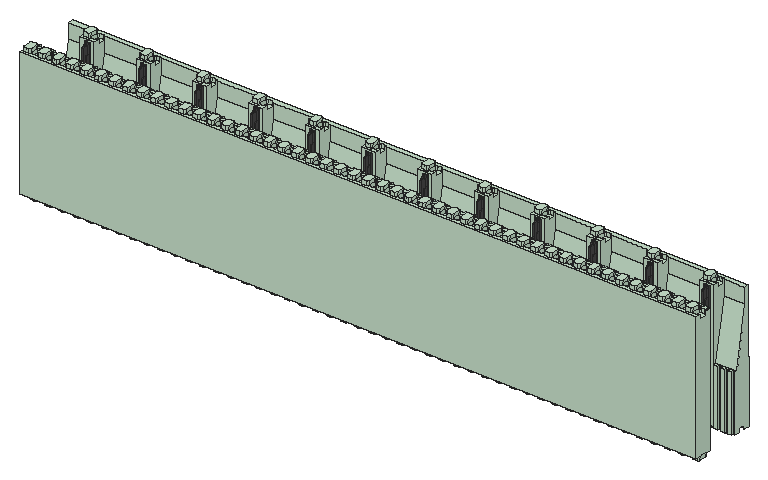
Revit family (continued)
Forms (in)
  Extrusion 106, void
    sketch origin (90, 2, 0) x (-1, 0, 0) y (0, -1, 0)
      loop
        arc (2, 4.89808) -> (1.95215, 5.04517) -> (1.82692, 5.13595) r 0.25
        arc (1.82692, 5.13595) -> (1.5, 5.1875) -> (1.17308, 5.13595) r 1.0625
        arc (1.17308, 5.13595) -> (1.04785, 5.04517) -> (1, 4.89808) r 0.25
    from 0 to 0.5
  Extrusion 107, void
    sketch origin (92, 2, 0) x (-1, 0, 0) y (0, -1, 0)
      loop
        line (1, 4.89808) -> (1, 3.97692)
        arc (1, 3.97692) -> (1.04785, 3.82983) -> (1.17308, 3.73905) r 0.25
        arc (1.17308, 3.73905) -> (1.42092, 3.69045) -> (1.67323, 3.70172) r 1.0625
        arc (1.67323, 3.70172) -> (1.72385, 3.68771) -> (1.74592, 3.64005) r 0.0625
        line (1.74592, 3.64005) -> (1.74592, 3.41845) -> (1.91675, 3.41845) -> (1.91675, 3.76455)
        arc (1.91675, 3.76455) -> (1.92106, 3.78736) -> (1.9334, 3.80702) r 0.0625
        arc (1.9334, 3.80702) -> (1.98276, 3.88568) -> (2, 3.97692) r 0.25
        line (2, 3.97692) -> (2, 4.89808)
        arc (2, 4.89808) -> (1.95215, 5.04517) -> (1.82692, 5.13595) r 0.25
        arc (1.82692, 5.13595) -> (1.5, 5.1875) -> (1.17308, 5.13595) r 1.0625
        arc (1.17308, 5.13595) -> (1.04785, 5.04517) -> (1, 4.89808) r 0.25
    from 0 to 0.5
  Extrusion 108, void
    sketch origin (94, 2, 0) x (-1, 0, 0) y (0, -1, 0)
      loop
        line (1, 4.89808) -> (1, 3.97692)
        arc (1, 3.97692) -> (1.04785, 3.82983) -> (1.17308, 3.73905) r 0.25
        arc (1.17308, 3.73905) -> (1.42092, 3.69045) -> (1.67323, 3.70172) r 1.0625
        arc (1.67323, 3.70172) -> (1.72385, 3.68771) -> (1.74592, 3.64005) r 0.0625
        line (1.74592, 3.64005) -> (1.74592, 3.41845) -> (1.91675, 3.41845) -> (1.91675, 3.76455)
        arc (1.91675, 3.76455) -> (1.92106, 3.78736) -> (1.9334, 3.80702) r 0.0625
        arc (1.9334, 3.80702) -> (1.98276, 3.88568) -> (2, 3.97692) r 0.25
        line (2, 3.97692) -> (2, 4.89808)
        arc (2, 4.89808) -> (1.95215, 5.04517) -> (1.82692, 5.13595) r 0.25
        arc (1.82692, 5.13595) -> (1.5, 5.1875) -> (1.17308, 5.13595) r 1.0625
        arc (1.17308, 5.13595) -> (1.04785, 5.04517) -> (1, 4.89808) r 0.25
    from 0 to 0.5
  Extrusion 109, void
    sketch origin (96, 2, 0) x (-1, 0, 0) y (0, -1, 0)
      loop
        line (1, 4.89808) -> (1, 3.97692)
        arc (1, 3.97692) -> (1.04785, 3.82983) -> (1.17308, 3.73905) r 0.25
        arc (1.17308, 3.73905) -> (1.42092, 3.69045) -> (1.67323, 3.70172) r 1.0625
        arc (1.67323, 3.70172) -> (1.72385, 3.68771) -> (1.74592, 3.64005) r 0.0625
        line (1.74592, 3.64005) -> (1.74592, 3.41845) -> (1.91675, 3.41845) -> (1.91675, 3.76455)
        arc (1.91675, 3.76455) -> (1.92106, 3.78736) -> (1.9334, 3.80702) r 0.0625
        arc (1.9334, 3.80702) -> (1.98276, 3.88568) -> (2, 3.97692) r 0.25
        line (2, 3.97692) -> (2, 4.89808)
        arc (2, 4.89808) -> (1.95215, 5.04517) -> (1.82692, 5.13595) r 0.25
        arc (1.82692, 5.13595) -> (1.5, 5.1875) -> (1.17308, 5.13595) r 1.0625
        arc (1.17308, 5.13595) -> (1.04785, 5.04517) -> (1, 4.89808) r 0.25
    from 0 to 0.5
  Extrusion 110, void
    sketch origin (94, 0, 0) x (1, 0, 0) y (0, 1, 0)
      loop
        line (1, 4.89808) -> (1, 3.97692)
        arc (1, 3.97692) -> (1.04785, 3.82983) -> (1.17308, 3.73905) r 0.25
        arc (1.17308, 3.73905) -> (1.42092, 3.69045) -> (1.67323, 3.70172) r 1.0625
        arc (1.67323, 3.70172) -> (1.72385, 3.68771) -> (1.74592, 3.64005) r 0.0625
        line (1.74592, 3.64005) -> (1.74592, 3.41845) -> (1.91675, 3.41845) -> (1.91675, 3.76455)
        arc (1.91675, 3.76455) -> (1.92106, 3.78736) -> (1.9334, 3.80702) r 0.0625
        arc (1.9334, 3.80702) -> (1.98276, 3.88568) -> (2, 3.97692) r 0.25
        line (2, 3.97692) -> (2, 4.89808)
        arc (2, 4.89808) -> (1.95215, 5.04517) -> (1.82692, 5.13595) r 0.25
        arc (1.82692, 5.13595) -> (1.5, 5.1875) -> (1.17308, 5.13595) r 1.0625
        arc (1.17308, 5.13595) -> (1.04785, 5.04517) -> (1, 4.89808) r 0.25
    from 0 to 0.5
  Extrusion 111, void
    sketch origin (92, 0, 0) x (1, 0, 0) y (0, 1, 0)
      loop
        line (1, 4.89808) -> (1, 3.97692)
        arc (1, 3.97692) -> (1.04785, 3.82983) -> (1.17308, 3.73905) r 0.25
        arc (1.17308, 3.73905) -> (1.42092, 3.69045) -> (1.67323, 3.70172) r 1.0625
        arc (1.67323, 3.70172) -> (1.72385, 3.68771) -> (1.74592, 3.64005) r 0.0625
        line (1.74592, 3.64005) -> (1.74592, 3.41845) -> (1.91675, 3.41845) -> (1.91675, 3.76455)
        arc (1.91675, 3.76455) -> (1.92106, 3.78736) -> (1.9334, 3.80702) r 0.0625
        arc (1.9334, 3.80702) -> (1.98276, 3.88568) -> (2, 3.97692) r 0.25
        line (2, 3.97692) -> (2, 4.89808)
        arc (2, 4.89808) -> (1.95215, 5.04517) -> (1.82692, 5.13595) r 0.25
        arc (1.82692, 5.13595) -> (1.5, 5.1875) -> (1.17308, 5.13595) r 1.0625
        arc (1.17308, 5.13595) -> (1.04785, 5.04517) -> (1, 4.89808) r 0.25
    from 0 to 0.5
  Extrusion 112, void
    sketch origin (90, 0, 0) x (1, 0, 0) y (0, 1, 0)
      loop
        line (1, 4.89808) -> (1, 3.97692)
        arc (1, 3.97692) -> (1.04785, 3.82983) -> (1.17308, 3.73905) r 0.25
        arc (1.17308, 3.73905) -> (1.42092, 3.69045) -> (1.67323, 3.70172) r 1.0625
        arc (1.67323, 3.70172) -> (1.72385, 3.68771) -> (1.74592, 3.64005) r 0.0625
        line (1.74592, 3.64005) -> (1.74592, 3.41845) -> (1.91675, 3.41845) -> (1.91675, 3.76455)
        arc (1.91675, 3.76455) -> (1.92106, 3.78736) -> (1.9334, 3.80702) r 0.0625
        arc (1.9334, 3.80702) -> (1.98276, 3.88568) -> (2, 3.97692) r 0.25
        line (2, 3.97692) -> (2, 4.89808)
        arc (2, 4.89808) -> (1.95215, 5.04517) -> (1.82692, 5.13595) r 0.25
        arc (1.82692, 5.13595) -> (1.5, 5.1875) -> (1.17308, 5.13595) r 1.0625
        arc (1.17308, 5.13595) -> (1.04785, 5.04517) -> (1, 4.89808) r 0.25
    from 0 to 0.5
  Extrusion 113, void
    sketch origin (88, 0, 0) x (1, 0, 0) y (0, 1, 0)
      loop
        line (1, 4.89808) -> (1, 3.97692)
        arc (1, 3.97692) -> (1.04785, 3.82983) -> (1.17308, 3.73905) r 0.25
        arc (1.17308, 3.73905) -> (1.42092, 3.69045) -> (1.67323, 3.70172) r 1.0625
        arc (1.67323, 3.70172) -> (1.72385, 3.68771) -> (1.74592, 3.64005) r 0.0625
        line (1.74592, 3.64005) -> (1.74592, 3.41845) -> (1.91675, 3.41845) -> (1.91675, 3.76455)
        arc (1.91675, 3.76455) -> (1.92106, 3.78736) -> (1.9334, 3.80702) r 0.0625
        arc (1.9334, 3.80702) -> (1.98276, 3.88568) -> (2, 3.97692) r 0.25
        line (2, 3.97692) -> (2, 4.89808)
        arc (2, 4.89808) -> (1.95215, 5.04517) -> (1.82692, 5.13595) r 0.25
        arc (1.82692, 5.13595) -> (1.5, 5.1875) -> (1.17308, 5.13595) r 1.0625
        arc (1.17308, 5.13595) -> (1.04785, 5.04517) -> (1, 4.89808) r 0.25
    from 0 to 0.5
  Extrusion 114, void
    sketch origin (86, 0, 0) x (1, 0, 0) y (0, 1, 0)
      loop
        line (1, 4.89808) -> (1, 3.97692)
        arc (1, 3.97692) -> (1.04785, 3.82983) -> (1.17308, 3.73905) r 0.25
        arc (1.17308, 3.73905) -> (1.42092, 3.69045) -> (1.67323, 3.70172) r 1.0625
        arc (1.67323, 3.70172) -> (1.72385, 3.68771) -> (1.74592, 3.64005) r 0.0625
        line (1.74592, 3.64005) -> (1.74592, 3.41845) -> (1.91675, 3.41845) -> (1.91675, 3.76455)
        arc (1.91675, 3.76455) -> (1.92106, 3.78736) -> (1.9334, 3.80702) r 0.0625
        arc (1.9334, 3.80702) -> (1.98276, 3.88568) -> (2, 3.97692) r 0.25
        line (2, 3.97692) -> (2, 4.89808)
        arc (2, 4.89808) -> (1.95215, 5.04517) -> (1.82692, 5.13595) r 0.25
        arc (1.82692, 5.13595) -> (1.5, 5.1875) -> (1.17308, 5.13595) r 1.0625
        arc (1.17308, 5.13595) -> (1.04785, 5.04517) -> (1, 4.89808) r 0.25
    from 0 to 0.5
  Extrusion 115, void
    sketch origin (84, 0, 0) x (1, 0, 0) y (0, 1, 0)
      loop
        line (1, 4.89808) -> (1, 3.97692)
        arc (1, 3.97692) -> (1.04785, 3.82983) -> (1.17308, 3.73905) r 0.25
        arc (1.17308, 3.73905) -> (1.42092, 3.69045) -> (1.67323, 3.70172) r 1.0625
        arc (1.67323, 3.70172) -> (1.72385, 3.68771) -> (1.74592, 3.64005) r 0.0625
        line (1.74592, 3.64005) -> (1.74592, 3.41845) -> (1.91675, 3.41845) -> (1.91675, 3.76455)
        arc (1.91675, 3.76455) -> (1.92106, 3.78736) -> (1.9334, 3.80702) r 0.0625
        arc (1.9334, 3.80702) -> (1.98276, 3.88568) -> (2, 3.97692) r 0.25
        line (2, 3.97692) -> (2, 4.89808)
        arc (2, 4.89808) -> (1.95215, 5.04517) -> (1.82692, 5.13595) r 0.25
        arc (1.82692, 5.13595) -> (1.5, 5.1875) -> (1.17308, 5.13595) r 1.0625
        arc (1.17308, 5.13595) -> (1.04785, 5.04517) -> (1, 4.89808) r 0.25
    from 0 to 0.5
  Extrusion 116, void
    sketch origin (82, 0, 0) x (1, 0, 0) y (0, 1, 0)
      loop
        line (1, 4.89808) -> (1, 3.97692)
        arc (1, 3.97692) -> (1.04785, 3.82983) -> (1.17308, 3.73905) r 0.25
        arc (1.17308, 3.73905) -> (1.42092, 3.69045) -> (1.67323, 3.70172) r 1.0625
        arc (1.67323, 3.70172) -> (1.72385, 3.68771) -> (1.74592, 3.64005) r 0.0625
        line (1.74592, 3.64005) -> (1.74592, 3.41845) -> (1.91675, 3.41845) -> (1.91675, 3.76455)
        arc (1.91675, 3.76455) -> (1.92106, 3.78736) -> (1.9334, 3.80702) r 0.0625
        arc (1.9334, 3.80702) -> (1.98276, 3.88568) -> (2, 3.97692) r 0.25
        line (2, 3.97692) -> (2, 4.89808)
        arc (2, 4.89808) -> (1.95215, 5.04517) -> (1.82692, 5.13595) r 0.25
        arc (1.82692, 5.13595) -> (1.5, 5.1875) -> (1.17308, 5.13595) r 1.0625
        arc (1.17308, 5.13595) -> (1.04785, 5.04517) -> (1, 4.89808) r 0.25
    from 0 to 0.5
  Extrusion 117, void
    sketch origin (80, 0, 0) x (1, 0, 0) y (0, 1, 0)
      loop
        line (1, 4.89808) -> (1, 3.97692)
        arc (1, 3.97692) -> (1.04785, 3.82983) -> (1.17308, 3.73905) r 0.25
        arc (1.17308, 3.73905) -> (1.42092, 3.69045) -> (1.67323, 3.70172) r 1.0625
        arc (1.67323, 3.70172) -> (1.72385, 3.68771) -> (1.74592, 3.64005) r 0.0625
        line (1.74592, 3.64005) -> (1.74592, 3.41845) -> (1.91675, 3.41845) -> (1.91675, 3.76455)
        arc (1.91675, 3.76455) -> (1.92106, 3.78736) -> (1.9334, 3.80702) r 0.0625
        arc (1.9334, 3.80702) -> (1.98276, 3.88568) -> (2, 3.97692) r 0.25
        line (2, 3.97692) -> (2, 4.89808)
        arc (2, 4.89808) -> (1.95215, 5.04517) -> (1.82692, 5.13595) r 0.25
        arc (1.82692, 5.13595) -> (1.5, 5.1875) -> (1.17308, 5.13595) r 1.0625
        arc (1.17308, 5.13595) -> (1.04785, 5.04517) -> (1, 4.89808) r 0.25
    from 0 to 0.5
  Extrusion 118, void
    sketch origin (78, 0, 0) x (1, 0, 0) y (0, 1, 0)
      loop
        line (1, 4.89808) -> (1, 3.97692)
        arc (1, 3.97692) -> (1.04785, 3.82983) -> (1.17308, 3.73905) r 0.25
        arc (1.17308, 3.73905) -> (1.42092, 3.69045) -> (1.67323, 3.70172) r 1.0625
        arc (1.67323, 3.70172) -> (1.72385, 3.68771) -> (1.74592, 3.64005) r 0.0625
        line (1.74592, 3.64005) -> (1.74592, 3.41845) -> (1.91675, 3.41845) -> (1.91675, 3.76455)
        arc (1.91675, 3.76455) -> (1.92106, 3.78736) -> (1.9334, 3.80702) r 0.0625
        arc (1.9334, 3.80702) -> (1.98276, 3.88568) -> (2, 3.97692) r 0.25
        line (2, 3.97692) -> (2, 4.89808)
        arc (2, 4.89808) -> (1.95215, 5.04517) -> (1.82692, 5.13595) r 0.25
        arc (1.82692, 5.13595) -> (1.5, 5.1875) -> (1.17308, 5.13595) r 1.0625
        arc (1.17308, 5.13595) -> (1.04785, 5.04517) -> (1, 4.89808) r 0.25
    from 0 to 0.5
  Extrusion 119, void
    sketch origin (76, 0, 0) x (1, 0, 0) y (0, 1, 0)
      loop
        line (1, 4.89808) -> (1, 3.97692)
        arc (1, 3.97692) -> (1.04785, 3.82983) -> (1.17308, 3.73905) r 0.25
        arc (1.17308, 3.73905) -> (1.42092, 3.69045) -> (1.67323, 3.70172) r 1.0625
        arc (1.67323, 3.70172) -> (1.72385, 3.68771) -> (1.74592, 3.64005) r 0.0625
        line (1.74592, 3.64005) -> (1.74592, 3.41845) -> (1.91675, 3.41845) -> (1.91675, 3.76455)
        arc (1.91675, 3.76455) -> (1.92106, 3.78736) -> (1.9334, 3.80702) r 0.0625
        arc (1.9334, 3.80702) -> (1.98276, 3.88568) -> (2, 3.97692) r 0.25
        line (2, 3.97692) -> (2, 4.89808)
        arc (2, 4.89808) -> (1.95215, 5.04517) -> (1.82692, 5.13595) r 0.25
        arc (1.82692, 5.13595) -> (1.5, 5.1875) -> (1.17308, 5.13595) r 1.0625
        arc (1.17308, 5.13595) -> (1.04785, 5.04517) -> (1, 4.89808) r 0.25
    from 0 to 0.5
  Extrusion 120, void
    sketch origin (74, 0, 0) x (1, 0, 0) y (0, 1, 0)
      loop
        line (1, 4.89808) -> (1, 3.97692)
        arc (1, 3.97692) -> (1.04785, 3.82983) -> (1.17308, 3.73905) r 0.25
        arc (1.17308, 3.73905) -> (1.42092, 3.69045) -> (1.67323, 3.70172) r 1.0625
        arc (1.67323, 3.70172) -> (1.72385, 3.68771) -> (1.74592, 3.64005) r 0.0625
        line (1.74592, 3.64005) -> (1.74592, 3.41845) -> (1.91675, 3.41845) -> (1.91675, 3.76455)
        arc (1.91675, 3.76455) -> (1.92106, 3.78736) -> (1.9334, 3.80702) r 0.0625
        arc (1.9334, 3.80702) -> (1.98276, 3.88568) -> (2, 3.97692) r 0.25
        line (2, 3.97692) -> (2, 4.89808)
        arc (2, 4.89808) -> (1.95215, 5.04517) -> (1.82692, 5.13595) r 0.25
        arc (1.82692, 5.13595) -> (1.5, 5.1875) -> (1.17308, 5.13595) r 1.0625
        arc (1.17308, 5.13595) -> (1.04785, 5.04517) -> (1, 4.89808) r 0.25
    from 0 to 0.5
  Extrusion 121, void
    sketch origin (72, 0, 0) x (1, 0, 0) y (0, 1, 0)
      loop
        line (1, 4.89808) -> (1, 3.97692)
        arc (1, 3.97692) -> (1.04785, 3.82983) -> (1.17308, 3.73905) r 0.25
        arc (1.17308, 3.73905) -> (1.42092, 3.69045) -> (1.67323, 3.70172) r 1.0625
        arc (1.67323, 3.70172) -> (1.72385, 3.68771) -> (1.74592, 3.64005) r 0.0625
        line (1.74592, 3.64005) -> (1.74592, 3.41845) -> (1.91675, 3.41845) -> (1.91675, 3.76455)
        arc (1.91675, 3.76455) -> (1.92106, 3.78736) -> (1.9334, 3.80702) r 0.0625
        arc (1.9334, 3.80702) -> (1.98276, 3.88568) -> (2, 3.97692) r 0.25
        line (2, 3.97692) -> (2, 4.89808)
        arc (2, 4.89808) -> (1.95215, 5.04517) -> (1.82692, 5.13595) r 0.25
        arc (1.82692, 5.13595) -> (1.5, 5.1875) -> (1.17308, 5.13595) r 1.0625
        arc (1.17308, 5.13595) -> (1.04785, 5.04517) -> (1, 4.89808) r 0.25
    from 0 to 0.5
  Extrusion 122, void
    sketch origin (70, 0, 0) x (1, 0, 0) y (0, 1, 0)
      loop
        line (1, 4.89808) -> (1, 3.97692)
        arc (1, 3.97692) -> (1.04785, 3.82983) -> (1.17308, 3.73905) r 0.25
        arc (1.17308, 3.73905) -> (1.42092, 3.69045) -> (1.67323, 3.70172) r 1.0625
        arc (1.67323, 3.70172) -> (1.72385, 3.68771) -> (1.74592, 3.64005) r 0.0625
        line (1.74592, 3.64005) -> (1.74592, 3.41845) -> (1.91675, 3.41845) -> (1.91675, 3.76455)
        arc (1.91675, 3.76455) -> (1.92106, 3.78736) -> (1.9334, 3.80702) r 0.0625
        arc (1.9334, 3.80702) -> (1.98276, 3.88568) -> (2, 3.97692) r 0.25
        line (2, 3.97692) -> (2, 4.89808)
        arc (2, 4.89808) -> (1.95215, 5.04517) -> (1.82692, 5.13595) r 0.25
        arc (1.82692, 5.13595) -> (1.5, 5.1875) -> (1.17308, 5.13595) r 1.0625
        arc (1.17308, 5.13595) -> (1.04785, 5.04517) -> (1, 4.89808) r 0.25
    from 0 to 0.5
  Extrusion 123, void
    sketch origin (68, 0, 0) x (1, 0, 0) y (0, 1, 0)
      loop
        line (1, 4.89808) -> (1, 3.97692)
        arc (1, 3.97692) -> (1.04785, 3.82983) -> (1.17308, 3.73905) r 0.25
        arc (1.17308, 3.73905) -> (1.42092, 3.69045) -> (1.67323, 3.70172) r 1.0625
        arc (1.67323, 3.70172) -> (1.72385, 3.68771) -> (1.74592, 3.64005) r 0.0625
        line (1.74592, 3.64005) -> (1.74592, 3.41845) -> (1.91675, 3.41845) -> (1.91675, 3.76455)
        arc (1.91675, 3.76455) -> (1.92106, 3.78736) -> (1.9334, 3.80702) r 0.0625
        arc (1.9334, 3.80702) -> (1.98276, 3.88568) -> (2, 3.97692) r 0.25
        line (2, 3.97692) -> (2, 4.89808)
        arc (2, 4.89808) -> (1.95215, 5.04517) -> (1.82692, 5.13595) r 0.25
        arc (1.82692, 5.13595) -> (1.5, 5.1875) -> (1.17308, 5.13595) r 1.0625
        arc (1.17308, 5.13595) -> (1.04785, 5.04517) -> (1, 4.89808) r 0.25
    from 0 to 0.5
  Extrusion 124, void
    sketch origin (66, 0, 0) x (1, 0, 0) y (0, 1, 0)
      loop
        line (1, 4.89808) -> (1, 3.97692)
        arc (1, 3.97692) -> (1.04785, 3.82983) -> (1.17308, 3.73905) r 0.25
        arc (1.17308, 3.73905) -> (1.42092, 3.69045) -> (1.67323, 3.70172) r 1.0625
        arc (1.67323, 3.70172) -> (1.72385, 3.68771) -> (1.74592, 3.64005) r 0.0625
        line (1.74592, 3.64005) -> (1.74592, 3.41845) -> (1.91675, 3.41845) -> (1.91675, 3.76455)
        arc (1.91675, 3.76455) -> (1.92106, 3.78736) -> (1.9334, 3.80702) r 0.0625
        arc (1.9334, 3.80702) -> (1.98276, 3.88568) -> (2, 3.97692) r 0.25
        line (2, 3.97692) -> (2, 4.89808)
        arc (2, 4.89808) -> (1.95215, 5.04517) -> (1.82692, 5.13595) r 0.25
        arc (1.82692, 5.13595) -> (1.5, 5.1875) -> (1.17308, 5.13595) r 1.0625
        arc (1.17308, 5.13595) -> (1.04785, 5.04517) -> (1, 4.89808) r 0.25
    from 0 to 0.5
  Extrusion 125, void
    sketch origin (64, 0, 0) x (1, 0, 0) y (0, 1, 0)
      loop
        line (1, 4.89808) -> (1, 3.97692)
        arc (1, 3.97692) -> (1.04785, 3.82983) -> (1.17308, 3.73905) r 0.25
        arc (1.17308, 3.73905) -> (1.42092, 3.69045) -> (1.67323, 3.70172) r 1.0625
        arc (1.67323, 3.70172) -> (1.72385, 3.68771) -> (1.74592, 3.64005) r 0.0625
        line (1.74592, 3.64005) -> (1.74592, 3.41845) -> (1.91675, 3.41845) -> (1.91675, 3.76455)
        arc (1.91675, 3.76455) -> (1.92106, 3.78736) -> (1.9334, 3.80702) r 0.0625
        arc (1.9334, 3.80702) -> (1.98276, 3.88568) -> (2, 3.97692) r 0.25
        line (2, 3.97692) -> (2, 4.89808)
        arc (2, 4.89808) -> (1.95215, 5.04517) -> (1.82692, 5.13595) r 0.25
        arc (1.82692, 5.13595) -> (1.5, 5.1875) -> (1.17308, 5.13595) r 1.0625
        arc (1.17308, 5.13595) -> (1.04785, 5.04517) -> (1, 4.89808) r 0.25
    from 0 to 0.5
  Extrusion 126, void
    sketch origin (62, 0, 0) x (1, 0, 0) y (0, 1, 0)
      loop
        line (1, 4.89808) -> (1, 3.97692)
        arc (1, 3.97692) -> (1.04785, 3.82983) -> (1.17308, 3.73905) r 0.25
        arc (1.17308, 3.73905) -> (1.42092, 3.69045) -> (1.67323, 3.70172) r 1.0625
        arc (1.67323, 3.70172) -> (1.72385, 3.68771) -> (1.74592, 3.64005) r 0.0625
        line (1.74592, 3.64005) -> (1.74592, 3.41845) -> (1.91675, 3.41845) -> (1.91675, 3.76455)
        arc (1.91675, 3.76455) -> (1.92106, 3.78736) -> (1.9334, 3.80702) r 0.0625
        arc (1.9334, 3.80702) -> (1.98276, 3.88568) -> (2, 3.97692) r 0.25
        line (2, 3.97692) -> (2, 4.89808)
        arc (2, 4.89808) -> (1.95215, 5.04517) -> (1.82692, 5.13595) r 0.25
        arc (1.82692, 5.13595) -> (1.5, 5.1875) -> (1.17308, 5.13595) r 1.0625
        arc (1.17308, 5.13595) -> (1.04785, 5.04517) -> (1, 4.89808) r 0.25
    from 0 to 0.5
  Extrusion 127, void
    sketch origin (60, 0, 0) x (1, 0, 0) y (0, 1, 0)
      loop
        line (1, 4.89808) -> (1, 3.97692)
        arc (1, 3.97692) -> (1.04785, 3.82983) -> (1.17308, 3.73905) r 0.25
        arc (1.17308, 3.73905) -> (1.42092, 3.69045) -> (1.67323, 3.70172) r 1.0625
        arc (1.67323, 3.70172) -> (1.72385, 3.68771) -> (1.74592, 3.64005) r 0.0625
        line (1.74592, 3.64005) -> (1.74592, 3.41845) -> (1.91675, 3.41845) -> (1.91675, 3.76455)
        arc (1.91675, 3.76455) -> (1.92106, 3.78736) -> (1.9334, 3.80702) r 0.0625
        arc (1.9334, 3.80702) -> (1.98276, 3.88568) -> (2, 3.97692) r 0.25
        line (2, 3.97692) -> (2, 4.89808)
        arc (2, 4.89808) -> (1.95215, 5.04517) -> (1.82692, 5.13595) r 0.25
        arc (1.82692, 5.13595) -> (1.5, 5.1875) -> (1.17308, 5.13595) r 1.0625
        arc (1.17308, 5.13595) -> (1.04785, 5.04517) -> (1, 4.89808) r 0.25
    from 0 to 0.5
  Extrusion 128, void
    sketch origin (58, 0, 0) x (1, 0, 0) y (0, 1, 0)
      loop
        line (1, 4.89808) -> (1, 3.97692)
        arc (1, 3.97692) -> (1.04785, 3.82983) -> (1.17308, 3.73905) r 0.25
        arc (1.17308, 3.73905) -> (1.42092, 3.69045) -> (1.67323, 3.70172) r 1.0625
        arc (1.67323, 3.70172) -> (1.72385, 3.68771) -> (1.74592, 3.64005) r 0.0625
        line (1.74592, 3.64005) -> (1.74592, 3.41845) -> (1.91675, 3.41845) -> (1.91675, 3.76455)
        arc (1.91675, 3.76455) -> (1.92106, 3.78736) -> (1.9334, 3.80702) r 0.0625
        arc (1.9334, 3.80702) -> (1.98276, 3.88568) -> (2, 3.97692) r 0.25
        line (2, 3.97692) -> (2, 4.89808)
        arc (2, 4.89808) -> (1.95215, 5.04517) -> (1.82692, 5.13595) r 0.25
        arc (1.82692, 5.13595) -> (1.5, 5.1875) -> (1.17308, 5.13595) r 1.0625
        arc (1.17308, 5.13595) -> (1.04785, 5.04517) -> (1, 4.89808) r 0.25
    from 0 to 0.5
  Extrusion 129, void
    sketch origin (56, 0, 0) x (1, 0, 0) y (0, 1, 0)
      loop
        line (1, 4.89808) -> (1, 3.97692)
        arc (1, 3.97692) -> (1.04785, 3.82983) -> (1.17308, 3.73905) r 0.25
        arc (1.17308, 3.73905) -> (1.42092, 3.69045) -> (1.67323, 3.70172) r 1.0625
        arc (1.67323, 3.70172) -> (1.72385, 3.68771) -> (1.74592, 3.64005) r 0.0625
        line (1.74592, 3.64005) -> (1.74592, 3.41845) -> (1.91675, 3.41845) -> (1.91675, 3.76455)
        arc (1.91675, 3.76455) -> (1.92106, 3.78736) -> (1.9334, 3.80702) r 0.0625
        arc (1.9334, 3.80702) -> (1.98276, 3.88568) -> (2, 3.97692) r 0.25
        line (2, 3.97692) -> (2, 4.89808)
        arc (2, 4.89808) -> (1.95215, 5.04517) -> (1.82692, 5.13595) r 0.25
        arc (1.82692, 5.13595) -> (1.5, 5.1875) -> (1.17308, 5.13595) r 1.0625
        arc (1.17308, 5.13595) -> (1.04785, 5.04517) -> (1, 4.89808) r 0.25
    from 0 to 0.5
  Extrusion 130, void
    sketch origin (54, 0, 0) x (1, 0, 0) y (0, 1, 0)
      loop
        line (1, 4.89808) -> (1, 3.97692)
        arc (1, 3.97692) -> (1.04785, 3.82983) -> (1.17308, 3.73905) r 0.25
        arc (1.17308, 3.73905) -> (1.42092, 3.69045) -> (1.67323, 3.70172) r 1.0625
        arc (1.67323, 3.70172) -> (1.72385, 3.68771) -> (1.74592, 3.64005) r 0.0625
        line (1.74592, 3.64005) -> (1.74592, 3.41845) -> (1.91675, 3.41845) -> (1.91675, 3.76455)
        arc (1.91675, 3.76455) -> (1.92106, 3.78736) -> (1.9334, 3.80702) r 0.0625
        arc (1.9334, 3.80702) -> (1.98276, 3.88568) -> (2, 3.97692) r 0.25
        line (2, 3.97692) -> (2, 4.89808)
        arc (2, 4.89808) -> (1.95215, 5.04517) -> (1.82692, 5.13595) r 0.25
        arc (1.82692, 5.13595) -> (1.5, 5.1875) -> (1.17308, 5.13595) r 1.0625
        arc (1.17308, 5.13595) -> (1.04785, 5.04517) -> (1, 4.89808) r 0.25
    from 0 to 0.5
  Extrusion 131, void
    sketch origin (52, 0, 0) x (1, 0, 0) y (0, 1, 0)
      loop
        line (1, 4.89808) -> (1, 3.97692)
        arc (1, 3.97692) -> (1.04785, 3.82983) -> (1.17308, 3.73905) r 0.25
        arc (1.17308, 3.73905) -> (1.42092, 3.69045) -> (1.67323, 3.70172) r 1.0625
        arc (1.67323, 3.70172) -> (1.72385, 3.68771) -> (1.74592, 3.64005) r 0.0625
        line (1.74592, 3.64005) -> (1.74592, 3.41845) -> (1.91675, 3.41845) -> (1.91675, 3.76455)
        arc (1.91675, 3.76455) -> (1.92106, 3.78736) -> (1.9334, 3.80702) r 0.0625
        arc (1.9334, 3.80702) -> (1.98276, 3.88568) -> (2, 3.97692) r 0.25
        line (2, 3.97692) -> (2, 4.89808)
        arc (2, 4.89808) -> (1.95215, 5.04517) -> (1.82692, 5.13595) r 0.25
        arc (1.82692, 5.13595) -> (1.5, 5.1875) -> (1.17308, 5.13595) r 1.0625
        arc (1.17308, 5.13595) -> (1.04785, 5.04517) -> (1, 4.89808) r 0.25
    from 0 to 0.5
  Extrusion 132, void
    sketch origin (50, 0, 0) x (1, 0, 0) y (0, 1, 0)
      loop
        line (1, 4.89808) -> (1, 3.97692)
        arc (1, 3.97692) -> (1.04785, 3.82983) -> (1.17308, 3.73905) r 0.25
        arc (1.17308, 3.73905) -> (1.42092, 3.69045) -> (1.67323, 3.70172) r 1.0625
        arc (1.67323, 3.70172) -> (1.72385, 3.68771) -> (1.74592, 3.64005) r 0.0625
        line (1.74592, 3.64005) -> (1.74592, 3.41845) -> (1.91675, 3.41845) -> (1.91675, 3.76455)
        arc (1.91675, 3.76455) -> (1.92106, 3.78736) -> (1.9334, 3.80702) r 0.0625
        arc (1.9334, 3.80702) -> (1.98276, 3.88568) -> (2, 3.97692) r 0.25
        line (2, 3.97692) -> (2, 4.89808)
        arc (2, 4.89808) -> (1.95215, 5.04517) -> (1.82692, 5.13595) r 0.25
        arc (1.82692, 5.13595) -> (1.5, 5.1875) -> (1.17308, 5.13595) r 1.0625
        arc (1.17308, 5.13595) -> (1.04785, 5.04517) -> (1, 4.89808) r 0.25
    from 0 to 0.5
  Extrusion 133, void
    sketch origin (48, 0, 0) x (1, 0, 0) y (0, 1, 0)
      loop
        line (1, 4.89808) -> (1, 3.97692)
        arc (1, 3.97692) -> (1.04785, 3.82983) -> (1.17308, 3.73905) r 0.25
        arc (1.17308, 3.73905) -> (1.42092, 3.69045) -> (1.67323, 3.70172) r 1.0625
        arc (1.67323, 3.70172) -> (1.72385, 3.68771) -> (1.74592, 3.64005) r 0.0625
        line (1.74592, 3.64005) -> (1.74592, 3.41845) -> (1.91675, 3.41845) -> (1.91675, 3.76455)
        arc (1.91675, 3.76455) -> (1.92106, 3.78736) -> (1.9334, 3.80702) r 0.0625
        arc (1.9334, 3.80702) -> (1.98276, 3.88568) -> (2, 3.97692) r 0.25
        line (2, 3.97692) -> (2, 4.89808)
        arc (2, 4.89808) -> (1.95215, 5.04517) -> (1.82692, 5.13595) r 0.25
        arc (1.82692, 5.13595) -> (1.5, 5.1875) -> (1.17308, 5.13595) r 1.0625
        arc (1.17308, 5.13595) -> (1.04785, 5.04517) -> (1, 4.89808) r 0.25
    from 0 to 0.5
  Extrusion 134, void
    sketch origin (46, 0, 0) x (1, 0, 0) y (0, 1, 0)
      loop
        line (1, 4.89808) -> (1, 3.97692)
        arc (1, 3.97692) -> (1.04785, 3.82983) -> (1.17308, 3.73905) r 0.25
        arc (1.17308, 3.73905) -> (1.42092, 3.69045) -> (1.67323, 3.70172) r 1.0625
        arc (1.67323, 3.70172) -> (1.72385, 3.68771) -> (1.74592, 3.64005) r 0.0625
        line (1.74592, 3.64005) -> (1.74592, 3.41845) -> (1.91675, 3.41845) -> (1.91675, 3.76455)
        arc (1.91675, 3.76455) -> (1.92106, 3.78736) -> (1.9334, 3.80702) r 0.0625
        arc (1.9334, 3.80702) -> (1.98276, 3.88568) -> (2, 3.97692) r 0.25
        line (2, 3.97692) -> (2, 4.89808)
        arc (2, 4.89808) -> (1.95215, 5.04517) -> (1.82692, 5.13595) r 0.25
        arc (1.82692, 5.13595) -> (1.5, 5.1875) -> (1.17308, 5.13595) r 1.0625
        arc (1.17308, 5.13595) -> (1.04785, 5.04517) -> (1, 4.89808) r 0.25
    from 0 to 0.5
  Extrusion 135, void
    sketch origin (44, 0, 0) x (1, 0, 0) y (0, 1, 0)
      loop
        line (1, 4.89808) -> (1, 3.97692)
        arc (1, 3.97692) -> (1.04785, 3.82983) -> (1.17308, 3.73905) r 0.25
        arc (1.17308, 3.73905) -> (1.42092, 3.69045) -> (1.67323, 3.70172) r 1.0625
        arc (1.67323, 3.70172) -> (1.72385, 3.68771) -> (1.74592, 3.64005) r 0.0625
        line (1.74592, 3.64005) -> (1.74592, 3.41845) -> (1.91675, 3.41845) -> (1.91675, 3.76455)
        arc (1.91675, 3.76455) -> (1.92106, 3.78736) -> (1.9334, 3.80702) r 0.0625
        arc (1.9334, 3.80702) -> (1.98276, 3.88568) -> (2, 3.97692) r 0.25
        line (2, 3.97692) -> (2, 4.89808)
        arc (2, 4.89808) -> (1.95215, 5.04517) -> (1.82692, 5.13595) r 0.25
        arc (1.82692, 5.13595) -> (1.5, 5.1875) -> (1.17308, 5.13595) r 1.0625
        arc (1.17308, 5.13595) -> (1.04785, 5.04517) -> (1, 4.89808) r 0.25
    from 0 to 0.5
  Extrusion 136, void
    sketch origin (42, 0, 0) x (1, 0, 0) y (0, 1, 0)
      loop
        line (1, 4.89808) -> (1, 3.97692)
        arc (1, 3.97692) -> (1.04785, 3.82983) -> (1.17308, 3.73905) r 0.25
        arc (1.17308, 3.73905) -> (1.42092, 3.69045) -> (1.67323, 3.70172) r 1.0625
        arc (1.67323, 3.70172) -> (1.72385, 3.68771) -> (1.74592, 3.64005) r 0.0625
        line (1.74592, 3.64005) -> (1.74592, 3.41845) -> (1.91675, 3.41845) -> (1.91675, 3.76455)
        arc (1.91675, 3.76455) -> (1.92106, 3.78736) -> (1.9334, 3.80702) r 0.0625
        arc (1.9334, 3.80702) -> (1.98276, 3.88568) -> (2, 3.97692) r 0.25
        line (2, 3.97692) -> (2, 4.89808)
        arc (2, 4.89808) -> (1.95215, 5.04517) -> (1.82692, 5.13595) r 0.25
        arc (1.82692, 5.13595) -> (1.5, 5.1875) -> (1.17308, 5.13595) r 1.0625
        arc (1.17308, 5.13595) -> (1.04785, 5.04517) -> (1, 4.89808) r 0.25
    from 0 to 0.5
  Extrusion 137, void
    sketch origin (40, 0, 0) x (1, 0, 0) y (0, 1, 0)
      loop
        line (1, 4.89808) -> (1, 3.97692)
        arc (1, 3.97692) -> (1.04785, 3.82983) -> (1.17308, 3.73905) r 0.25
        arc (1.17308, 3.73905) -> (1.42092, 3.69045) -> (1.67323, 3.70172) r 1.0625
        arc (1.67323, 3.70172) -> (1.72385, 3.68771) -> (1.74592, 3.64005) r 0.0625
        line (1.74592, 3.64005) -> (1.74592, 3.41845) -> (1.91675, 3.41845) -> (1.91675, 3.76455)
        arc (1.91675, 3.76455) -> (1.92106, 3.78736) -> (1.9334, 3.80702) r 0.0625
        arc (1.9334, 3.80702) -> (1.98276, 3.88568) -> (2, 3.97692) r 0.25
        line (2, 3.97692) -> (2, 4.89808)
        arc (2, 4.89808) -> (1.95215, 5.04517) -> (1.82692, 5.13595) r 0.25
        arc (1.82692, 5.13595) -> (1.5, 5.1875) -> (1.17308, 5.13595) r 1.0625
        arc (1.17308, 5.13595) -> (1.04785, 5.04517) -> (1, 4.89808) r 0.25
    from 0 to 0.5
  Extrusion 138, void
    sketch origin (38, 0, 0) x (1, 0, 0) y (0, 1, 0)
      loop
        line (1, 4.89808) -> (1, 3.97692)
        arc (1, 3.97692) -> (1.04785, 3.82983) -> (1.17308, 3.73905) r 0.25
        arc (1.17308, 3.73905) -> (1.42092, 3.69045) -> (1.67323, 3.70172) r 1.0625
        arc (1.67323, 3.70172) -> (1.72385, 3.68771) -> (1.74592, 3.64005) r 0.0625
        line (1.74592, 3.64005) -> (1.74592, 3.41845) -> (1.91675, 3.41845) -> (1.91675, 3.76455)
        arc (1.91675, 3.76455) -> (1.92106, 3.78736) -> (1.9334, 3.80702) r 0.0625
        arc (1.9334, 3.80702) -> (1.98276, 3.88568) -> (2, 3.97692) r 0.25
        line (2, 3.97692) -> (2, 4.89808)
        arc (2, 4.89808) -> (1.95215, 5.04517) -> (1.82692, 5.13595) r 0.25
        arc (1.82692, 5.13595) -> (1.5, 5.1875) -> (1.17308, 5.13595) r 1.0625
        arc (1.17308, 5.13595) -> (1.04785, 5.04517) -> (1, 4.89808) r 0.25
    from 0 to 0.5
  Extrusion 139, void
    sketch origin (36, 0, 0) x (1, 0, 0) y (0, 1, 0)
      loop
        line (1, 4.89808) -> (1, 3.97692)
        arc (1, 3.97692) -> (1.04785, 3.82983) -> (1.17308, 3.73905) r 0.25
        arc (1.17308, 3.73905) -> (1.42092, 3.69045) -> (1.67323, 3.70172) r 1.0625
        arc (1.67323, 3.70172) -> (1.72385, 3.68771) -> (1.74592, 3.64005) r 0.0625
        line (1.74592, 3.64005) -> (1.74592, 3.41845) -> (1.91675, 3.41845) -> (1.91675, 3.76455)
        arc (1.91675, 3.76455) -> (1.92106, 3.78736) -> (1.9334, 3.80702) r 0.0625
        arc (1.9334, 3.80702) -> (1.98276, 3.88568) -> (2, 3.97692) r 0.25
        line (2, 3.97692) -> (2, 4.89808)
        arc (2, 4.89808) -> (1.95215, 5.04517) -> (1.82692, 5.13595) r 0.25
        arc (1.82692, 5.13595) -> (1.5, 5.1875) -> (1.17308, 5.13595) r 1.0625
        arc (1.17308, 5.13595) -> (1.04785, 5.04517) -> (1, 4.89808) r 0.25
    from 0 to 0.5
  Extrusion 140, void
    sketch origin (34, 0, 0) x (1, 0, 0) y (0, 1, 0)
      loop
        line (1, 4.89808) -> (1, 3.97692)
        arc (1, 3.97692) -> (1.04785, 3.82983) -> (1.17308, 3.73905) r 0.25
        arc (1.17308, 3.73905) -> (1.42092, 3.69045) -> (1.67323, 3.70172) r 1.0625
        arc (1.67323, 3.70172) -> (1.72385, 3.68771) -> (1.74592, 3.64005) r 0.0625
        line (1.74592, 3.64005) -> (1.74592, 3.41845) -> (1.91675, 3.41845) -> (1.91675, 3.76455)
        arc (1.91675, 3.76455) -> (1.92106, 3.78736) -> (1.9334, 3.80702) r 0.0625
        arc (1.9334, 3.80702) -> (1.98276, 3.88568) -> (2, 3.97692) r 0.25
        line (2, 3.97692) -> (2, 4.89808)
        arc (2, 4.89808) -> (1.95215, 5.04517) -> (1.82692, 5.13595) r 0.25
        arc (1.82692, 5.13595) -> (1.5, 5.1875) -> (1.17308, 5.13595) r 1.0625
        arc (1.17308, 5.13595) -> (1.04785, 5.04517) -> (1, 4.89808) r 0.25
    from 0 to 0.5
  Extrusion 141, void
    sketch origin (32, 0, 0) x (1, 0, 0) y (0, 1, 0)
      loop
        line (1, 4.89808) -> (1, 3.97692)
        arc (1, 3.97692) -> (1.04785, 3.82983) -> (1.17308, 3.73905) r 0.25
        arc (1.17308, 3.73905) -> (1.42092, 3.69045) -> (1.67323, 3.70172) r 1.0625
        arc (1.67323, 3.70172) -> (1.72385, 3.68771) -> (1.74592, 3.64005) r 0.0625
        line (1.74592, 3.64005) -> (1.74592, 3.41845) -> (1.91675, 3.41845) -> (1.91675, 3.76455)
        arc (1.91675, 3.76455) -> (1.92106, 3.78736) -> (1.9334, 3.80702) r 0.0625
        arc (1.9334, 3.80702) -> (1.98276, 3.88568) -> (2, 3.97692) r 0.25
        line (2, 3.97692) -> (2, 4.89808)
        arc (2, 4.89808) -> (1.95215, 5.04517) -> (1.82692, 5.13595) r 0.25
        arc (1.82692, 5.13595) -> (1.5, 5.1875) -> (1.17308, 5.13595) r 1.0625
        arc (1.17308, 5.13595) -> (1.04785, 5.04517) -> (1, 4.89808) r 0.25
    from 0 to 0.5
  Extrusion 142, void
    sketch origin (30, 0, 0) x (1, 0, 0) y (0, 1, 0)
      loop
        line (1, 4.89808) -> (1, 3.97692)
        arc (1, 3.97692) -> (1.04785, 3.82983) -> (1.17308, 3.73905) r 0.25
        arc (1.17308, 3.73905) -> (1.42092, 3.69045) -> (1.67323, 3.70172) r 1.0625
        arc (1.67323, 3.70172) -> (1.72385, 3.68771) -> (1.74592, 3.64005) r 0.0625
        line (1.74592, 3.64005) -> (1.74592, 3.41845) -> (1.91675, 3.41845) -> (1.91675, 3.76455)
        arc (1.91675, 3.76455) -> (1.92106, 3.78736) -> (1.9334, 3.80702) r 0.0625
        arc (1.9334, 3.80702) -> (1.98276, 3.88568) -> (2, 3.97692) r 0.25
        line (2, 3.97692) -> (2, 4.89808)
        arc (2, 4.89808) -> (1.95215, 5.04517) -> (1.82692, 5.13595) r 0.25
        arc (1.82692, 5.13595) -> (1.5, 5.1875) -> (1.17308, 5.13595) r 1.0625
        arc (1.17308, 5.13595) -> (1.04785, 5.04517) -> (1, 4.89808) r 0.25
    from 0 to 0.5
  Extrusion 143, void
    sketch origin (28, 0, 0) x (1, 0, 0) y (0, 1, 0)
      loop
        line (1, 4.89808) -> (1, 3.97692)
        arc (1, 3.97692) -> (1.04785, 3.82983) -> (1.17308, 3.73905) r 0.25
        arc (1.17308, 3.73905) -> (1.42092, 3.69045) -> (1.67323, 3.70172) r 1.0625
        arc (1.67323, 3.70172) -> (1.72385, 3.68771) -> (1.74592, 3.64005) r 0.0625
        line (1.74592, 3.64005) -> (1.74592, 3.41845) -> (1.91675, 3.41845) -> (1.91675, 3.76455)
        arc (1.91675, 3.76455) -> (1.92106, 3.78736) -> (1.9334, 3.80702) r 0.0625
        arc (1.9334, 3.80702) -> (1.98276, 3.88568) -> (2, 3.97692) r 0.25
        line (2, 3.97692) -> (2, 4.89808)
        arc (2, 4.89808) -> (1.95215, 5.04517) -> (1.82692, 5.13595) r 0.25
        arc (1.82692, 5.13595) -> (1.5, 5.1875) -> (1.17308, 5.13595) r 1.0625
        arc (1.17308, 5.13595) -> (1.04785, 5.04517) -> (1, 4.89808) r 0.25
    from 0 to 0.5
  Extrusion 144, void
    sketch origin (26, 0, 0) x (1, 0, 0) y (0, 1, 0)
      loop
        line (1, 4.89808) -> (1, 3.97692)
        arc (1, 3.97692) -> (1.04785, 3.82983) -> (1.17308, 3.73905) r 0.25
        arc (1.17308, 3.73905) -> (1.42092, 3.69045) -> (1.67323, 3.70172) r 1.0625
        arc (1.67323, 3.70172) -> (1.72385, 3.68771) -> (1.74592, 3.64005) r 0.0625
        line (1.74592, 3.64005) -> (1.74592, 3.41845) -> (1.91675, 3.41845) -> (1.91675, 3.76455)
        arc (1.91675, 3.76455) -> (1.92106, 3.78736) -> (1.9334, 3.80702) r 0.0625
        arc (1.9334, 3.80702) -> (1.98276, 3.88568) -> (2, 3.97692) r 0.25
        line (2, 3.97692) -> (2, 4.89808)
        arc (2, 4.89808) -> (1.95215, 5.04517) -> (1.82692, 5.13595) r 0.25
        arc (1.82692, 5.13595) -> (1.5, 5.1875) -> (1.17308, 5.13595) r 1.0625
        arc (1.17308, 5.13595) -> (1.04785, 5.04517) -> (1, 4.89808) r 0.25
    from 0 to 0.5
  Extrusion 145, void
    sketch origin (24, 0, 0) x (1, 0, 0) y (0, 1, 0)
      loop
        line (1, 4.89808) -> (1, 3.97692)
        arc (1, 3.97692) -> (1.04785, 3.82983) -> (1.17308, 3.73905) r 0.25
        arc (1.17308, 3.73905) -> (1.42092, 3.69045) -> (1.67323, 3.70172) r 1.0625
        arc (1.67323, 3.70172) -> (1.72385, 3.68771) -> (1.74592, 3.64005) r 0.0625
        line (1.74592, 3.64005) -> (1.74592, 3.41845) -> (1.91675, 3.41845) -> (1.91675, 3.76455)
        arc (1.91675, 3.76455) -> (1.92106, 3.78736) -> (1.9334, 3.80702) r 0.0625
        arc (1.9334, 3.80702) -> (1.98276, 3.88568) -> (2, 3.97692) r 0.25
        line (2, 3.97692) -> (2, 4.89808)
        arc (2, 4.89808) -> (1.95215, 5.04517) -> (1.82692, 5.13595) r 0.25
        arc (1.82692, 5.13595) -> (1.5, 5.1875) -> (1.17308, 5.13595) r 1.0625
        arc (1.17308, 5.13595) -> (1.04785, 5.04517) -> (1, 4.89808) r 0.25
    from 0 to 0.5
  Extrusion 146, void
    sketch origin (22, 0, 0) x (1, 0, 0) y (0, 1, 0)
      loop
        line (1, 4.89808) -> (1, 3.97692)
        arc (1, 3.97692) -> (1.04785, 3.82983) -> (1.17308, 3.73905) r 0.25
        arc (1.17308, 3.73905) -> (1.42092, 3.69045) -> (1.67323, 3.70172) r 1.0625
        arc (1.67323, 3.70172) -> (1.72385, 3.68771) -> (1.74592, 3.64005) r 0.0625
        line (1.74592, 3.64005) -> (1.74592, 3.41845) -> (1.91675, 3.41845) -> (1.91675, 3.76455)
        arc (1.91675, 3.76455) -> (1.92106, 3.78736) -> (1.9334, 3.80702) r 0.0625
        arc (1.9334, 3.80702) -> (1.98276, 3.88568) -> (2, 3.97692) r 0.25
        line (2, 3.97692) -> (2, 4.89808)
        arc (2, 4.89808) -> (1.95215, 5.04517) -> (1.82692, 5.13595) r 0.25
        arc (1.82692, 5.13595) -> (1.5, 5.1875) -> (1.17308, 5.13595) r 1.0625
        arc (1.17308, 5.13595) -> (1.04785, 5.04517) -> (1, 4.89808) r 0.25
    from 0 to 0.5
  Extrusion 147, void
    sketch origin (20, 0, 0) x (1, 0, 0) y (0, 1, 0)
      loop
        line (1, 4.89808) -> (1, 3.97692)
        arc (1, 3.97692) -> (1.04785, 3.82983) -> (1.17308, 3.73905) r 0.25
        arc (1.17308, 3.73905) -> (1.42092, 3.69045) -> (1.67323, 3.70172) r 1.0625
        arc (1.67323, 3.70172) -> (1.72385, 3.68771) -> (1.74592, 3.64005) r 0.0625
        line (1.74592, 3.64005) -> (1.74592, 3.41845) -> (1.91675, 3.41845) -> (1.91675, 3.76455)
        arc (1.91675, 3.76455) -> (1.92106, 3.78736) -> (1.9334, 3.80702) r 0.0625
        arc (1.9334, 3.80702) -> (1.98276, 3.88568) -> (2, 3.97692) r 0.25
        line (2, 3.97692) -> (2, 4.89808)
        arc (2, 4.89808) -> (1.95215, 5.04517) -> (1.82692, 5.13595) r 0.25
        arc (1.82692, 5.13595) -> (1.5, 5.1875) -> (1.17308, 5.13595) r 1.0625
        arc (1.17308, 5.13595) -> (1.04785, 5.04517) -> (1, 4.89808) r 0.25
    from 0 to 0.5
  Extrusion 148, void
    sketch origin (18, 0, 0) x (1, 0, 0) y (0, 1, 0)
      loop
        line (1, 4.89808) -> (1, 3.97692)
        arc (1, 3.97692) -> (1.04785, 3.82983) -> (1.17308, 3.73905) r 0.25
        arc (1.17308, 3.73905) -> (1.42092, 3.69045) -> (1.67323, 3.70172) r 1.0625
        arc (1.67323, 3.70172) -> (1.72385, 3.68771) -> (1.74592, 3.64005) r 0.0625
        line (1.74592, 3.64005) -> (1.74592, 3.41845) -> (1.91675, 3.41845) -> (1.91675, 3.76455)
        arc (1.91675, 3.76455) -> (1.92106, 3.78736) -> (1.9334, 3.80702) r 0.0625
        arc (1.9334, 3.80702) -> (1.98276, 3.88568) -> (2, 3.97692) r 0.25
        line (2, 3.97692) -> (2, 4.89808)
        arc (2, 4.89808) -> (1.95215, 5.04517) -> (1.82692, 5.13595) r 0.25
        arc (1.82692, 5.13595) -> (1.5, 5.1875) -> (1.17308, 5.13595) r 1.0625
        arc (1.17308, 5.13595) -> (1.04785, 5.04517) -> (1, 4.89808) r 0.25
    from 0 to 0.5
  Extrusion 149, void
    sketch origin (16, 0, 0) x (1, 0, 0) y (0, 1, 0)
      loop
        line (1, 4.89808) -> (1, 3.97692)
        arc (1, 3.97692) -> (1.04785, 3.82983) -> (1.17308, 3.73905) r 0.25
        arc (1.17308, 3.73905) -> (1.42092, 3.69045) -> (1.67323, 3.70172) r 1.0625
        arc (1.67323, 3.70172) -> (1.72385, 3.68771) -> (1.74592, 3.64005) r 0.0625
        line (1.74592, 3.64005) -> (1.74592, 3.41845) -> (1.91675, 3.41845) -> (1.91675, 3.76455)
        arc (1.91675, 3.76455) -> (1.92106, 3.78736) -> (1.9334, 3.80702) r 0.0625
        arc (1.9334, 3.80702) -> (1.98276, 3.88568) -> (2, 3.97692) r 0.25
        line (2, 3.97692) -> (2, 4.89808)
        arc (2, 4.89808) -> (1.95215, 5.04517) -> (1.82692, 5.13595) r 0.25
        arc (1.82692, 5.13595) -> (1.5, 5.1875) -> (1.17308, 5.13595) r 1.0625
        arc (1.17308, 5.13595) -> (1.04785, 5.04517) -> (1, 4.89808) r 0.25
    from 0 to 0.5
  Extrusion 150, void
    sketch origin (14, 0, 0) x (1, 0, 0) y (0, 1, 0)
      loop
        line (1, 4.89808) -> (1, 3.97692)
        arc (1, 3.97692) -> (1.04785, 3.82983) -> (1.17308, 3.73905) r 0.25
        arc (1.17308, 3.73905) -> (1.42092, 3.69045) -> (1.67323, 3.70172) r 1.0625
        arc (1.67323, 3.70172) -> (1.72385, 3.68771) -> (1.74592, 3.64005) r 0.0625
        line (1.74592, 3.64005) -> (1.74592, 3.41845) -> (1.91675, 3.41845) -> (1.91675, 3.76455)
        arc (1.91675, 3.76455) -> (1.92106, 3.78736) -> (1.9334, 3.80702) r 0.0625
        arc (1.9334, 3.80702) -> (1.98276, 3.88568) -> (2, 3.97692) r 0.25
        line (2, 3.97692) -> (2, 4.89808)
        arc (2, 4.89808) -> (1.95215, 5.04517) -> (1.82692, 5.13595) r 0.25
        arc (1.82692, 5.13595) -> (1.5, 5.1875) -> (1.17308, 5.13595) r 1.0625
        arc (1.17308, 5.13595) -> (1.04785, 5.04517) -> (1, 4.89808) r 0.25
    from 0 to 0.5
  Extrusion 151, void
    sketch origin (12, 0, 0) x (1, 0, 0) y (0, 1, 0)
      loop
        line (1, 4.89808) -> (1, 3.97692)
        arc (1, 3.97692) -> (1.04785, 3.82983) -> (1.17308, 3.73905) r 0.25
        arc (1.17308, 3.73905) -> (1.42092, 3.69045) -> (1.67323, 3.70172) r 1.0625
        arc (1.67323, 3.70172) -> (1.72385, 3.68771) -> (1.74592, 3.64005) r 0.0625
        line (1.74592, 3.64005) -> (1.74592, 3.41845) -> (1.91675, 3.41845) -> (1.91675, 3.76455)
        arc (1.91675, 3.76455) -> (1.92106, 3.78736) -> (1.9334, 3.80702) r 0.0625
        arc (1.9334, 3.80702) -> (1.98276, 3.88568) -> (2, 3.97692) r 0.25
        line (2, 3.97692) -> (2, 4.89808)
        arc (2, 4.89808) -> (1.95215, 5.04517) -> (1.82692, 5.13595) r 0.25
        arc (1.82692, 5.13595) -> (1.5, 5.1875) -> (1.17308, 5.13595) r 1.0625
        arc (1.17308, 5.13595) -> (1.04785, 5.04517) -> (1, 4.89808) r 0.25
    from 0 to 0.5
  Extrusion 152, void
    sketch origin (10, 0, 0) x (1, 0, 0) y (0, 1, 0)
      loop
        line (1, 4.89808) -> (1, 3.97692)
        arc (1, 3.97692) -> (1.04785, 3.82983) -> (1.17308, 3.73905) r 0.25
        arc (1.17308, 3.73905) -> (1.42092, 3.69045) -> (1.67323, 3.70172) r 1.0625
        arc (1.67323, 3.70172) -> (1.72385, 3.68771) -> (1.74592, 3.64005) r 0.0625
        line (1.74592, 3.64005) -> (1.74592, 3.41845) -> (1.91675, 3.41845) -> (1.91675, 3.76455)
        arc (1.91675, 3.76455) -> (1.92106, 3.78736) -> (1.9334, 3.80702) r 0.0625
        arc (1.9334, 3.80702) -> (1.98276, 3.88568) -> (2, 3.97692) r 0.25
        line (2, 3.97692) -> (2, 4.89808)
        arc (2, 4.89808) -> (1.95215, 5.04517) -> (1.82692, 5.13595) r 0.25
        arc (1.82692, 5.13595) -> (1.5, 5.1875) -> (1.17308, 5.13595) r 1.0625
        arc (1.17308, 5.13595) -> (1.04785, 5.04517) -> (1, 4.89808) r 0.25
    from 0 to 0.5
  Extrusion 153, void
    sketch origin (8, 0, 0) x (1, 0, 0) y (0, 1, 0)
      loop
        line (1, 4.89808) -> (1, 3.97692)
        arc (1, 3.97692) -> (1.04785, 3.82983) -> (1.17308, 3.73905) r 0.25
        arc (1.17308, 3.73905) -> (1.42092, 3.69045) -> (1.67323, 3.70172) r 1.0625
        arc (1.67323, 3.70172) -> (1.72385, 3.68771) -> (1.74592, 3.64005) r 0.0625
        line (1.74592, 3.64005) -> (1.74592, 3.41845) -> (1.91675, 3.41845) -> (1.91675, 3.76455)
        arc (1.91675, 3.76455) -> (1.92106, 3.78736) -> (1.9334, 3.80702) r 0.0625
        arc (1.9334, 3.80702) -> (1.98276, 3.88568) -> (2, 3.97692) r 0.25
        line (2, 3.97692) -> (2, 4.89808)
        arc (2, 4.89808) -> (1.95215, 5.04517) -> (1.82692, 5.13595) r 0.25
        arc (1.82692, 5.13595) -> (1.5, 5.1875) -> (1.17308, 5.13595) r 1.0625
        arc (1.17308, 5.13595) -> (1.04785, 5.04517) -> (1, 4.89808) r 0.25
    from 0 to 0.5
  Extrusion 154, void
    sketch origin (6, 0, 0) x (1, 0, 0) y (0, 1, 0)
      loop
        line (1, 4.89808) -> (1, 3.97692)
        arc (1, 3.97692) -> (1.04785, 3.82983) -> (1.17308, 3.73905) r 0.25
        arc (1.17308, 3.73905) -> (1.42092, 3.69045) -> (1.67323, 3.70172) r 1.0625
        arc (1.67323, 3.70172) -> (1.72385, 3.68771) -> (1.74592, 3.64005) r 0.0625
        line (1.74592, 3.64005) -> (1.74592, 3.41845) -> (1.91675, 3.41845) -> (1.91675, 3.76455)
        arc (1.91675, 3.76455) -> (1.92106, 3.78736) -> (1.9334, 3.80702) r 0.0625
        arc (1.9334, 3.80702) -> (1.98276, 3.88568) -> (2, 3.97692) r 0.25
        line (2, 3.97692) -> (2, 4.89808)
        arc (2, 4.89808) -> (1.95215, 5.04517) -> (1.82692, 5.13595) r 0.25
        arc (1.82692, 5.13595) -> (1.5, 5.1875) -> (1.17308, 5.13595) r 1.0625
        arc (1.17308, 5.13595) -> (1.04785, 5.04517) -> (1, 4.89808) r 0.25
    from 0 to 0.5
  Extrusion 155, void
    sketch origin (4, 0, 0) x (1, 0, 0) y (0, 1, 0)
      loop
        line (1, 4.89808) -> (1, 3.97692)
        arc (1, 3.97692) -> (1.04785, 3.82983) -> (1.17308, 3.73905) r 0.25
        arc (1.17308, 3.73905) -> (1.42092, 3.69045) -> (1.67323, 3.70172) r 1.0625
        arc (1.67323, 3.70172) -> (1.72385, 3.68771) -> (1.74592, 3.64005) r 0.0625
        line (1.74592, 3.64005) -> (1.74592, 3.41845) -> (1.91675, 3.41845) -> (1.91675, 3.76455)
        arc (1.91675, 3.76455) -> (1.92106, 3.78736) -> (1.9334, 3.80702) r 0.0625
        arc (1.9334, 3.80702) -> (1.98276, 3.88568) -> (2, 3.97692) r 0.25
        line (2, 3.97692) -> (2, 4.89808)
        arc (2, 4.89808) -> (1.95215, 5.04517) -> (1.82692, 5.13595) r 0.25
        arc (1.82692, 5.13595) -> (1.5, 5.1875) -> (1.17308, 5.13595) r 1.0625
        arc (1.17308, 5.13595) -> (1.04785, 5.04517) -> (1, 4.89808) r 0.25
    from 0 to 0.5
  Extrusion 156, void
    sketch origin (2, 0, 0) x (1, 0, 0) y (0, 1, 0)
      loop
        line (1, 4.89808) -> (1, 3.97692)
        arc (1, 3.97692) -> (1.04785, 3.82983) -> (1.17308, 3.73905) r 0.25
        arc (1.17308, 3.73905) -> (1.42092, 3.69045) -> (1.67323, 3.70172) r 1.0625
        arc (1.67323, 3.70172) -> (1.72385, 3.68771) -> (1.74592, 3.64005) r 0.0625
        line (1.74592, 3.64005) -> (1.74592, 3.41845) -> (1.91675, 3.41845) -> (1.91675, 3.76455)
        arc (1.91675, 3.76455) -> (1.92106, 3.78736) -> (1.9334, 3.80702) r 0.0625
        arc (1.9334, 3.80702) -> (1.98276, 3.88568) -> (2, 3.97692) r 0.25
        line (2, 3.97692) -> (2, 4.89808)
        arc (2, 4.89808) -> (1.95215, 5.04517) -> (1.82692, 5.13595) r 0.25
        arc (1.82692, 5.13595) -> (1.5, 5.1875) -> (1.17308, 5.13595) r 1.0625
        arc (1.17308, 5.13595) -> (1.04785, 5.04517) -> (1, 4.89808) r 0.25
    from 0 to 0.5
  Extrusion 157, void
    sketch origin (0, 0, 0) x (1, 0, 0) y (0, 1, 0)
      loop
        line (1, 4.89808) -> (1, 3.97692)
        arc (1, 3.97692) -> (1.04785, 3.82983) -> (1.17308, 3.73905) r 0.25
        arc (1.17308, 3.73905) -> (1.42092, 3.69045) -> (1.67323, 3.70172) r 1.0625
        arc (1.67323, 3.70172) -> (1.72385, 3.68771) -> (1.74592, 3.64005) r 0.0625
        line (1.74592, 3.64005) -> (1.74592, 3.41845) -> (1.91675, 3.41845) -> (1.91675, 3.76455)
        arc (1.91675, 3.76455) -> (1.92106, 3.78736) -> (1.9334, 3.80702) r 0.0625
        arc (1.9334, 3.80702) -> (1.98276, 3.88568) -> (2, 3.97692) r 0.25
        line (2, 3.97692) -> (2, 4.89808)
        arc (2, 4.89808) -> (1.95215, 5.04517) -> (1.82692, 5.13595) r 0.25
        arc (1.82692, 5.13595) -> (1.5, 5.1875) -> (1.17308, 5.13595) r 1.0625
        arc (1.17308, 5.13595) -> (1.04785, 5.04517) -> (1, 4.89808) r 0.25
    from 0 to 0.5
  Extrusion 158, solid, material "NUDURA Expanded Polystyrene Foam Insulation"
    sketch origin (0, 0, 0) x (0, 1, 0) y (0, 0, 1)
      loop
        line (5.625, 0) -> (5.625, 18) -> (5, 18) -> (5, 15.92857) -> (3.5, 8) -> (3.25, 8) -> (3.25, 0) -> (5.625, 0)
    from 0 to 96
  Extrusion 159, solid, material "NUDURA Expanded Polystyrene Foam Insulation"
    sketch origin (0, 0, 0) x (0, 1, 0) y (0, 0, 1)
      loop
        line (5, 18) -> (3.25, 18) -> (3.25, 8) -> (3.5, 8) -> (5, 15.92857) -> (5, 18)
    from 3 to 5
  Extrusion 160, solid, material "NUDURA Expanded Polystyrene Foam Insulation"
    sketch origin (0, 0, 0) x (0, 1, 0) y (0, 0, 1)
      loop
        line (5, 18) -> (3.25, 18) -> (3.25, 8) -> (3.5, 8) -> (5, 15.92857) -> (5, 18)
    from 11 to 13
  Extrusion 161, solid, material "NUDURA Expanded Polystyrene Foam Insulation"
    sketch origin (0, 0, 0) x (0, 1, 0) y (0, 0, 1)
      loop
        line (5, 18) -> (3.25, 18) -> (3.25, 8) -> (3.5, 8) -> (5, 15.92857) -> (5, 18)
    from 19 to 21
  Extrusion 162, solid, material "NUDURA Expanded Polystyrene Foam Insulation"
    sketch origin (0, 0, 0) x (0, 1, 0) y (0, 0, 1)
      loop
        line (5, 18) -> (3.25, 18) -> (3.25, 8) -> (3.5, 8) -> (5, 15.92857) -> (5, 18)
    from 27 to 29
  Extrusion 163, solid, material "NUDURA Expanded Polystyrene Foam Insulation"
    sketch origin (0, 0, 0) x (0, 1, 0) y (0, 0, 1)
      loop
        line (5, 18) -> (3.25, 18) -> (3.25, 8) -> (3.5, 8) -> (5, 15.92857) -> (5, 18)
    from 35 to 37
  Extrusion 164, solid, material "NUDURA Expanded Polystyrene Foam Insulation"
    sketch origin (0, 0, 0) x (0, 1, 0) y (0, 0, 1)
      loop
        line (5, 18) -> (3.25, 18) -> (3.25, 8) -> (3.5, 8) -> (5, 15.92857) -> (5, 18)
    from 43 to 45
  Extrusion 165, solid, material "NUDURA Expanded Polystyrene Foam Insulation"
    sketch origin (0, 0, 0) x (0, 1, 0) y (0, 0, 1)
      loop
        line (5, 18) -> (3.25, 18) -> (3.25, 8) -> (3.5, 8) -> (5, 15.92857) -> (5, 18)
    from 51 to 53
  Extrusion 166, solid, material "NUDURA Expanded Polystyrene Foam Insulation"
    sketch origin (0, 0, 0) x (0, 1, 0) y (0, 0, 1)
      loop
        line (5, 18) -> (3.25, 18) -> (3.25, 8) -> (3.5, 8) -> (5, 15.92857) -> (5, 18)
    from 59 to 61
  Extrusion 167, solid, material "NUDURA Expanded Polystyrene Foam Insulation"
    sketch origin (0, 0, 0) x (0, 1, 0) y (0, 0, 1)
      loop
        line (5, 18) -> (3.25, 18) -> (3.25, 8) -> (3.5, 8) -> (5, 15.92857) -> (5, 18)
    from 67 to 69
  Extrusion 168, solid, material "NUDURA Expanded Polystyrene Foam Insulation"
    sketch origin (0, 0, 0) x (0, 1, 0) y (0, 0, 1)
      loop
        line (5, 18) -> (3.25, 18) -> (3.25, 8) -> (3.5, 8) -> (5, 15.92857) -> (5, 18)
    from 67 to 69
  Extrusion 169, solid, material "NUDURA Expanded Polystyrene Foam Insulation"
    sketch origin (0, 0, 0) x (0, 1, 0) y (0, 0, 1)
      loop
        line (5, 18) -> (3.25, 18) -> (3.25, 8) -> (3.5, 8) -> (5, 15.92857) -> (5, 18)
    from 75 to 77
  Extrusion 170, solid, material "NUDURA Expanded Polystyrene Foam Insulation"
    sketch origin (0, 0, 0) x (0, 1, 0) y (0, 0, 1)
      loop
        line (5, 18) -> (3.25, 18) -> (3.25, 8) -> (3.5, 8) -> (5, 15.92857) -> (5, 18)
    from 83 to 85
  Extrusion 171, solid, material "NUDURA Expanded Polystyrene Foam Insulation"
    sketch origin (0, 0, 0) x (0, 1, 0) y (0, 0, 1)
      loop
        line (5, 18) -> (3.25, 18) -> (3.25, 8) -> (3.5, 8) -> (5, 15.92857) -> (5, 18)
    from 91 to 93
  Extrusion 172, solid, material "NUDURA Expanded Polystyrene Foam Insulation"
    sketch origin (0, 0, 0) x (1, 0, 0) y (0, 1, 0)
      loop
        line (0.28117, 3.25) -> (0.21883, 3) -> (0.78117, 3) -> (0.71883, 3.25) -> (0.28117, 3.25)
      loop
        line (1.28117, 3.25) -> (1.21883, 3) -> (1.78117, 3) -> (1.71883, 3.25) -> (1.28117, 3.25)
      loop
        line (2.28117, 3.25) -> (2.21883, 3) -> (2.78117, 3) -> (2.71883, 3.25) -> (2.28117, 3.25)
      loop
        line (5.28117, 3.25) -> (5.21883, 3) -> (5.78117, 3) -> (5.71883, 3.25) -> (5.28117, 3.25)
